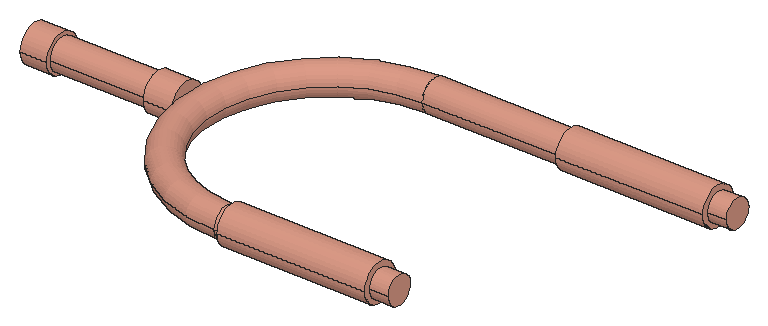
Revit family "outputfile", category 配管付属品, Revit 2024
Family settings
  丸型コネクタ寸法 = 半径を使用
  パーツ タイプ = 標準
  OmniClass 番号 = 23.65.55.00
  OmniClass タイトル = Distribution of Supplied Liquids/Gases
  作業面ベース = いいえ
  常に垂直 = はい
  ロード時にボイドで切り取り = いいえ
  共有 = いいえ
Parameters (values of type "KHRP24B22T")
  Description = ""
  製造元 = "Daikin"
  書き出し IFC クラス(タイプ) = "IfcPipeFittingType"
  定義済み IFC タイプ(タイプ) = "JUNCTION"
  Cost = 0
  Type Comments = ""
  Keynote = ""
  Type Image = (empty or 0)
  Assembly Code = ""
  switch_StraightPipe_Reducer2 [instance] = if(Is_StraightPipe Reducer = 1, 1 = 1, 1 = 0)  # no
  switch_StraightPipe1 [instance] = if(number_StraightPipe = 0, 1 = 0, 1 = 1)  # yes
  switch_Inlet pipe1 [instance] = if(number_InletPipe = 0, 1 = 0, 1 = 1)  # yes
  switch_BranchPipe1 [instance] = if(number_BranchPipe = 0, 1 = 0, 1 = 1)  # yes
  mm⇔inch [instance] = yes
  l_dividePipe2 [instance] = size_lookup(table_Inlet, "L_devidePipe2", 45.9 mm, モデル)  # 45.87 mm
  l_dividePipe0 = 4.22 mm
  l_StraightPipe000 [instance] = if(l_StraightPipe0 = 70.92 mm, l_StraightPipe00 + l_StraightPipe0, 0.0 mm)  # 0.0 mm
  l_StraightPipe00 = 9.19 mm  # constant formula
  l_InletPipe000 [instance] = if(l_InletPipe2 = 2.0 mm, 0.0 mm, l_InletPipe2)  # 0.0 mm
  l_InletPipe00 = 8.66 mm
  l_BranchPipe_Straight2 [instance] = size_lookup(table_BranchPipe, "L_offsetPipe2", 2.0 mm, モデル)  # 2.0 mm
  l_BranchPipe_Straight1 [instance] = size_lookup(table_BranchPipe, "L_offsetPipe1", 2.0 mm, モデル)  # 2.0 mm
  URL = ""
  O.D_OutletPipe [instance] = I.D_OutletPipe + 2.0 mm  # 9.52 mm
  I.D_InletPipe00 = 9.6 mm
  既定の高さ = 0.0 mm
  モデル = "KHRP24B22T"
  table_StraightPipe [instance] = if(mm⇔inch, "Refnet Joint_KHRP24B-T_Liquid_StraightPipe", "Refnet Joint_KHRP24B-T_Liquid_StraightPipe_inch")  # "Refnet Joint_KHRP24B-T_Liquid_StraightPipe"
  table_BranchPipe [instance] = if(mm⇔inch, "Refnet Joint_KHRP24B-T_Liquid_BranchPipe", "Refnet Joint_KHRP24B-T_Liquid_BranchPipe_inch")  # "Refnet Joint_KHRP24B-T_Liquid_BranchPipe"
  table_Inlet [instance] = if(mm⇔inch, "Refnet Joint_KHRP24B-T_Liquid_Inlet", "Refnet Joint_KHRP24B-T_Liquid_Inlet_inch")  # "Refnet Joint_KHRP24B-T_Liquid_Inlet"
  switch_StraightPipe_Reducer1 [instance] = StraightPipe_Liquid_ActualDiameter = 25.4 mm  # no
  switch_StraightPipe3 [instance] = if(number_StraightPipe = 3, 1 = 1, 1 = 0)  # no
  switch_StraightPipe2 [instance] = if(number_StraightPipe < 2, 1 = 0, 1 = 1)  # no
  switch_BranchPipe_Reducer [instance] = if(Is_BranchPipe Reducer = 1, 1 = 1, 1 = 0)  # no
  switch_BranchPipe3 [instance] = if(number_BranchPipe = 3, 1 = 1, 1 = 0)  # no
  switch_BranchPipe2 [instance] = if(number_BranchPipe < 2, 1 = 0, 1 = 1)  # yes
  switch_Inlet pipe_Reducer [instance] = if(Is_Inlet Reducer = 1, 1 = 1, 1 = 0)  # no
  switch_Inlet pipe3 [instance] = if(number_InletPipe = 3, 1 = 1, 1 = 0)  # no
  switch_Inlet pipe2 [instance] = if(number_InletPipe < 2, 1 = 0, 1 = 1)  # no
  Uniclass2015Version = "Products v1.31"
  Uniclass2015Title = "Copper pipe fittings"
  Uniclass2015Code = "Pr_65_52_63_18"
  StraightPipe_Liquid_ActualDiameter [instance] = 6.4 mm
  Material_Piping = DAIKIN_Copper_Pipe
  Material_Insulation = DAIKIN_White_Insulation
  lw_Insulation [instance] = size_lookup(table_Inlet, "lw_Insulation", 57.3 mm, モデル)  # 58.28 mm
  Unit Type = "KHRP24B-T_Liquid"
  Tag No. [instance] = ""
  StraightPipe_Liquid_Status [instance] = size_lookup(table_StraightPipe, "Information", "The connected pipe size is not available.", モデル, StraightPipe_Liquid_ActualDiameter)  # "Default connector size is used."
  Link_Nested Family [instance] = ""
  Inlet_Liquid_Actual Diameter [instance] = 9.5 mm
  IfcVersion = ""
  IfcExportType = "JUNCTION"
  IfcExportAs = "IfcPipeFittingType"
  BranchPipe_Liquid_Status [instance] = size_lookup(table_BranchPipe, "Information", "The connected pipe size is not available.", モデル, BranchPipe_Liquid_ActualDiameter)  # "Default connector size is used."
  Inlet_Liquid_Status [instance] = size_lookup(table_Inlet, "Information", "The connected pipe size is not available.", モデル, Inlet_Liquid_Actual Diameter)  # "Default connector size is used."
  Series = "Refnet Joint"
  r_StraightPipe_Connector [instance] = StraightPipe_Liquid_ActualDiameter / 2  # 3.2 mm
  r_BranchPipe_Connector [instance] = BranchPipe_Liquid_ActualDiameter / 2  # 3.2 mm
  r_Inlet_Connector [instance] = Inlet_Liquid_Actual Diameter / 2  # 4.75 mm
  number_StraightPipe [instance] = size_lookup(table_StraightPipe, "pipeNumber", 2, モデル, StraightPipe_Liquid_ActualDiameter)  # 1
  number_BranchPipe [instance] = size_lookup(table_BranchPipe, "pipeNumber", 2, モデル, BranchPipe_Liquid_ActualDiameter)  # 2
  number_InletPipe [instance] = size_lookup(table_Inlet, "pipeNumber", 1, モデル, Inlet_Liquid_Actual Diameter)  # 1
  l_BranchPipe connector [instance] = size_lookup(table_BranchPipe, "Length", 51.5 mm, モデル, BranchPipe_Liquid_ActualDiameter)  # 51.47 mm
  l_inlet connector [instance] = size_lookup(table_Inlet, "Length", 46.7 mm, モデル, Inlet_Liquid_Actual Diameter)  # 46.66 mm
  l_dividePipe1 [instance] = size_lookup(table_Inlet, "L_devidePipe1", 86.2 mm, モデル)  # 86.15 mm
  l_StraightPipeReducer [instance] = size_lookup(table_StraightPipe, "L_Reducer", 2.0 mm, モデル, StraightPipe_Liquid_ActualDiameter)  # 2.0 mm
  l_StraightPipe3 [instance] = size_lookup(table_StraightPipe, "L_Pipe3", 2.0 mm, モデル)  # 2.0 mm
  l_StraightPipe2 [instance] = size_lookup(table_StraightPipe, "L_Pipe2", 6.0 mm, モデル)  # 2.0 mm
  l_StraightPipe1 [instance] = size_lookup(table_StraightPipe, "L_Pipe1", 45.2 mm, モデル)  # 6.0 mm
  l_StraightPipe0 [instance] = size_lookup(table_StraightPipe, "L_Pipe0", 2.0 mm, モデル)  # 45.2 mm
  l_StraightPipe connector [instance] = size_lookup(table_StraightPipe, "Length", 51.2 mm, モデル, StraightPipe_Liquid_ActualDiameter)  # 51.2 mm
  l_BranchPipe Reducer [instance] = size_lookup(table_BranchPipe, "L_Reducer", 2.0 mm, モデル, BranchPipe_Liquid_ActualDiameter)  # 2.0 mm
  l_BranchPipe3 [instance] = size_lookup(table_BranchPipe, "L_Pipe3", 2.0 mm, モデル)  # 2.0 mm
  l_BranchPipe2 [instance] = size_lookup(table_BranchPipe, "L_Pipe2", 6.0 mm, モデル)  # 6.0 mm
  l_BranchPipe1 [instance] = size_lookup(table_BranchPipe, "L_Pipe1", 45.5 mm, モデル)  # 45.47 mm
  l_BranchPipe0 [instance] = size_lookup(table_BranchPipe, "L_Pipe0", 2.0 mm, モデル)  # 2.0 mm
  l_InletReducer [instance] = size_lookup(table_Inlet, "L_Reducer", 2.0 mm, モデル, Inlet_Liquid_Actual Diameter)  # 2.0 mm
  l_InletPipe3 [instance] = size_lookup(table_Inlet, "L_Pipe3", 2.0 mm, モデル)  # 2.0 mm
  l_InletPipe2 [instance] = size_lookup(table_Inlet, "L_Pipe2", 2.0 mm, モデル)  # 2.0 mm
  l_InletPipe1 [instance] = size_lookup(table_Inlet, "L_Pipe1", 8.2 mm, モデル)  # 8.19 mm
  l_InletPipe0 [instance] = size_lookup(table_Inlet, "L_Pipe0", 29.8 mm, モデル)  # 29.81 mm
  center_StraightPipe [instance] = size_lookup(table_StraightPipe, "center_Pipe", 40.0 mm, モデル)  # 40.0 mm
  center_BranchPipe [instance] = size_lookup(table_BranchPipe, "center_OffsetPipe", 40.0 mm, モデル)  # 40.0 mm
  StraightPipe_Liquid_AvailableDiameter [instance] = size_lookup(table_StraightPipe, "sizeVariation", "", モデル)  # "6.4/9.5mm"
  BranchPipe_Liquid_AvailableDiameter [instance] = size_lookup(table_BranchPipe, "sizeVariation", "", モデル)  # "6.4/9.5mm"
  Inlet_Liquid_Available Diameter [instance] = size_lookup(table_Inlet, "sizeVariation", "", モデル)  # "9.5mm"
  O.D_StraightPipe Reducer [instance] = size_lookup(table_StraightPipe, "O.D_reducer", 2.0 mm, モデル, StraightPipe_Liquid_ActualDiameter)  # 2.0 mm
  O.D_Offset Outlet Reducer [instance] = size_lookup(table_BranchPipe, "O.D_reducer", 2.0 mm, モデル, BranchPipe_Liquid_ActualDiameter)  # 2.0 mm
  O.D_Inlet Reducer [instance] = size_lookup(table_Inlet, "O.D_reducer", 2.0 mm, モデル, Inlet_Liquid_Actual Diameter)  # 2.0 mm
  Is_StraightPipe Reducer [instance] = size_lookup(table_StraightPipe, "IsReducer", 0, モデル, StraightPipe_Liquid_ActualDiameter)  # 0
  Is_BranchPipe Reducer [instance] = size_lookup(table_BranchPipe, "IsReducer", 0, モデル, BranchPipe_Liquid_ActualDiameter)  # 0
  Is_Inlet Reducer [instance] = size_lookup(table_Inlet, "IsReducer", 0, モデル, Inlet_Liquid_Actual Diameter)  # 0
  BranchPipe_Liquid_ActualDiameter [instance] = 6.4 mm
  Attach_Insulation [instance] = no
  I.D_StraightPipe3 [instance] = size_lookup(table_StraightPipe, "I.D_PipeSize3", 2.0 mm, モデル)  # 2.0 mm
  I.D_StraightPipe2 [instance] = size_lookup(table_StraightPipe, "I.D_PipeSize2", 6.4 mm, モデル)  # 2.0 mm
  I.D_StraightPipe1 [instance] = size_lookup(table_StraightPipe, "I.D_PipeSize1", 9.5 mm, モデル)  # 6.4 mm
  I.D_StraightPipe0 [instance] = size_lookup(table_StraightPipe, "I.D_PipeSize0", 2.0 mm, モデル)  # 9.5 mm
  I.D_BranchPipe3 [instance] = size_lookup(table_BranchPipe, "I.D_PipeSize3", 2.0 mm, モデル)  # 2.0 mm
  I.D_BranchPipe2 [instance] = size_lookup(table_BranchPipe, "I.D_PipeSize2", 6.4 mm, モデル)  # 6.4 mm
  I.D_BranchPipe1 [instance] = size_lookup(table_BranchPipe, "I.D_PipeSize1", 9.5 mm, モデル)  # 9.5 mm
  I.D_BranchPipe0 [instance] = size_lookup(table_BranchPipe, "I.D_PipeSize0", 2.0 mm, モデル)  # 2.0 mm
  I.D_Straight Reducer [instance] = size_lookup(table_StraightPipe, "I.D_reducer", 2.0 mm, モデル, StraightPipe_Liquid_ActualDiameter)  # 2.0 mm
  I.D_OutletPipe [instance] = size_lookup(table_Inlet, "I.D_OutletPipeSize", 7.5 mm, モデル, Inlet_Liquid_Actual Diameter)  # 7.52 mm
  I.D_Branch Reducer [instance] = size_lookup(table_BranchPipe, "I.D_reducer", 2.0 mm, モデル, BranchPipe_Liquid_ActualDiameter)  # 2.0 mm
  I.D_Inlet Reducer [instance] = size_lookup(table_Inlet, "I.D_reducer", 2.0 mm, モデル, Inlet_Liquid_Actual Diameter)  # 2.0 mm
  I.D_InletPipe3 [instance] = size_lookup(table_Inlet, "I.D_PipeSize3", 2.0 mm, モデル)  # 2.0 mm
  I.D_InletPipe2 [instance] = size_lookup(table_Inlet, "I.D_PipeSize2", 2.0 mm, モデル)  # 2.0 mm
  I.D_InletPipe1 [instance] = size_lookup(table_Inlet, "I.D_PipeSize1", 9.5 mm, モデル)  # 9.5 mm
  I.D_InletPipe0 [instance] = size_lookup(table_Inlet, "I.D_PipeSize0", 7.5 mm, モデル)  # 7.52 mm
Reference planes
  plane 1 "Center (Front/Back)": y = 0
  plane 2: z = 0
  plane 3 "base_left": x = 0
  plane 4: x = 43.19
  plane 5: x = 73
  plane 6: x = 81.66
  plane 7 "l_dividePipe1": x = 167.81
  plane 8 "center_straight outlet": y = 40
  plane 9 "center2_offset outlet": y = -40
  plane 10: x = 223.01
  plane 11: x = 213.01
  plane 12: x = 219.01
  plane 13: x = 173
  plane 14: x = 179
  plane 15: x = 221.01
  plane 16: x = 181
  plane 17 "Reducer_straightoutlet": x = 179
  plane 18 "connector": x = 219.01
  plane 19 "Inlet_connector": x = 35
  plane 20 "Left_Insulation": x = 23.38
  plane 21: x = 85.88
  plane 22 "l_dividePipe2": x = 127.53
  plane 23: x = 125.88
  plane 24 "2": x = 35
  plane 25: x = 129.01
  plane 26: x = 33
Forms (mm)
  Sweep 1, solid, material "DAIKIN_Copper_Pipe" <- "Material_Piping"
    path origin (0, 0, 0) x (1, 0, 0) y (0, 1, 0)
      loop
        line (127.53, -40) -> (125.88, -40)
        arc (125.88, -40) -> (85.88, 0) -> (125.88, 40) r 40
        line (125.88, 40) -> (167.81, 40)
    profile origin (146.845, 40, 0) x (0, 1, 0) y (0, 0, 1)
      loop
        circle (0, 0) r 4.76
Dimensions and locks
  "l_InletPipe1": plane 24 "2" to plane 4
  "l_InletPipe0": plane 4 to plane 5
  "l_InletPipe00": plane 5 to plane 6
  "center_StraightPipe": plane 1 "Center (Front/Back)" to plane 8 "center_straight outlet"
  "center_BranchPipe": plane 9 "center2_offset outlet" to plane 1 "Center (Front/Back)"
  "l_dividePipe1": plane 6 to plane 7 "l_dividePipe1"
  "l_BranchPipe2": plane 13 to plane 14
  "l_StraightPipe1": plane 11 to plane 12
  "l_StraightPipe2": plane 12 to plane 15
  "l_BranchPipe3": plane 14 to plane 16
  "l_BranchPipe connector": plane 22 "l_dividePipe2" to plane 17 "Reducer_straightoutlet"
  "l_StraightPipe connector": plane 7 "l_dividePipe1" to plane 18 "connector"
  "l_inlet connector": plane 19 "Inlet_connector" to plane 6
  "lw_Insulation": plane 20 "Left_Insulation" to plane 6
  "l_dividePipe0": plane 6 to plane 21
  "l_dividePipe2": plane 6 to plane 22 "l_dividePipe2"
  "l_BranchPipe1": plane 22 "l_dividePipe2" to plane 13
  "center_StraightPipe": plane 21 to plane 23
  "l_InletPipe2": plane 26 to plane 24 "2"
  "l_StraightPipe0": plane 7 "l_dividePipe1" to plane 11
  "l_StraightPipe3": plane 15 to plane 10
  "center_StraightPipe": radius of Sweep 1 sketch curve
  "O.D_OutletPipe": diameter of Sweep 1 sketch curve
  aligned and locked: level to plane 2
  aligned and locked: plane 6 to nested 1
  aligned and locked: plane 1 "Center (Front/Back)" to nested 1
  aligned and locked: plane 8 "center_straight outlet" to nested 2
  aligned and locked: nested 2 to plane 7 "l_dividePipe1"
  aligned and locked: plane 9 "center2_offset outlet" to nested 3
  aligned and locked: nested 4 to plane 1 "Center (Front/Back)"
  aligned and locked: nested 5 to plane 9 "center2_offset outlet"
  aligned and locked: plane 18 "connector" to nested 6
  aligned and locked: nested 6 to plane 8 "center_straight outlet"
  aligned and locked: nested 4 to plane 19 "Inlet_connector"
  aligned and locked: plane 17 "Reducer_straightoutlet" to nested 5
  aligned and locked: plane 1 "Center (Front/Back)" to nested 7
  aligned and locked: plane 20 "Left_Insulation" to nested 7
  aligned and locked: plane 1 "Center (Front/Back)" to Sweep 1 sketch curve
  aligned and locked: plane 7 "l_dividePipe1" to Sweep 1 sketch curve
  aligned and locked: plane 23 to Sweep 1 sketch curve
  aligned and locked: plane 22 "l_dividePipe2" to nested 3
  aligned and locked: nested 8 to plane 8 "center_straight outlet"
  aligned and locked: plane 25 to nested 8
  aligned and locked: plane 22 "l_dividePipe2" to Sweep 1 sketch curve
  aligned and locked: nested 9 to plane 6
  aligned and locked: plane 1 "Center (Front/Back)" to nested 9
  aligned and locked: nested 9 to plane 5
  aligned and locked: plane 2 to nested 9
  aligned and locked: plane 1 "Center (Front/Back)" to nested 10
  aligned and locked: nested 10 to plane 5
  aligned and locked: plane 4 to nested 10
  aligned and locked: plane 1 "Center (Front/Back)" to nested 11
  aligned and locked: plane 4 to nested 11
  aligned and locked: plane 24 "2" to nested 11
  aligned and locked: plane 24 "2" to nested 12
  aligned and locked: plane 1 "Center (Front/Back)" to nested 12
  aligned and locked: plane 26 to nested 12
  aligned and locked: nested 13 to plane 9 "center2_offset outlet"
  aligned and locked: plane 22 "l_dividePipe2" to nested 13
  aligned and locked: plane 13 to nested 13
  aligned and locked: nested 14 to plane 9 "center2_offset outlet"
  aligned and locked: plane 13 to nested 14
  aligned and locked: plane 14 to nested 14
  aligned and locked: nested 15 to plane 9 "center2_offset outlet"
  aligned and locked: plane 16 to nested 15
  aligned and locked: plane 14 to nested 15
  aligned and locked: nested 16 to plane 8 "center_straight outlet"
  aligned and locked: nested 16 to plane 7 "l_dividePipe1"
  aligned and locked: plane 11 to nested 16
  aligned and locked: nested 17 to plane 8 "center_straight outlet"
  aligned and locked: plane 11 to nested 17
  aligned and locked: plane 12 to nested 17
  aligned and locked: plane 12 to nested 18
  aligned and locked: nested 18 to plane 8 "center_straight outlet"
  aligned and locked: plane 15 to nested 18
  aligned and locked: nested 19 to plane 8 "center_straight outlet"
  aligned and locked: plane 15 to nested 19
  aligned and locked: plane 10 to nested 19
Automatic sketch dimensions
  Sweep 1 sketch curve to level = 0.0 mm
  Sweep 1 sketch curve to profile plane = 0.0 mm
Nested families
  nested 1: "daikin_connector_rotate2" at (81.66, 0, 0) x (0, -1, 0) z (0, 0, 1), length <- "l_inlet connector", type "daikin_connector_rotate2"
    with radius 5.0 mm, length 46.66 mm, angle_vertical 90.00°, show_face no, locaton_mark no
  nested 2: "daikin_connector_rotate2" at (167.81, 40, 0) x (0, 1, 0) z (0, 0, 1), length <- "l_StraightPipe connector", type "daikin_connector_rotate2"
    with radius 5.0 mm, length 51.2 mm, angle_vertical 90.00°, show_face no, locaton_mark no
  nested 3: "daikin_connector_rotate2" at (127.53, -40, 0) x (0, 1, 0) z (0, 0, 1), length <- "l_BranchPipe connector", type "daikin_connector_rotate2"
    with radius 5.0 mm, length 51.47 mm, angle_vertical 90.00°, show_face no, locaton_mark no
  nested 4: "daikin_Pipe_reducer" at (36, 0, 0) x (-1, 0, 0) z (0, 0, 1), display <- "switch_Inlet pipe_Reducer", length_Pipe <- "l_InletReducer", I.D_Pipe1 <- "I.D_Inlet Reducer", O.D_Pipe2 <- "O.D_Inlet Reducer", type "*"
    with length_Pipe 2.0 mm, display no, O.D_Pipe2 2.0 mm, O.D_Pipe1 4.0 mm, I.D_Pipe2 0.0 mm, I.D_Pipe1 2.0 mm
  nested 5: "daikin_Pipe_reducer" at (178, -40, 0), I.D_Pipe1 <- "I.D_Branch Reducer", O.D_Pipe2 <- "O.D_Offset Outlet Reducer", length_Pipe <- "l_BranchPipe Reducer", display <- "switch_BranchPipe_Reducer", type "*"
    with length_Pipe 2.0 mm, display no, O.D_Pipe2 2.0 mm, O.D_Pipe1 4.0 mm, I.D_Pipe2 0.0 mm, I.D_Pipe1 2.0 mm
  nested 6: "daikin_Pipe_reducer" at (218.01, 40, 0), I.D_Pipe1 <- "I.D_Straight Reducer", O.D_Pipe2 <- "O.D_StraightPipe Reducer", length_Pipe <- "l_StraightPipeReducer", display <- "switch_StraightPipe_Reducer2", type "*"
    with length_Pipe 2.0 mm, display no, O.D_Pipe2 2.0 mm, O.D_Pipe1 4.0 mm, I.D_Pipe2 0.0 mm, I.D_Pipe1 2.0 mm
  nested 7: "daikin_Insulation_RefnetJoint" at (23.38, 0, 0), I.D_Outlet PipeSize <- "I.D_OutletPipe", type "*"
    with h 39.52 mm, I.D_Outlet PipeSize 7.52 mm
  nested 8: "daikin_Pipe_reducer" at (128.01, 40, 0), display <- "switch_StraightPipe_Reducer1", length_Pipe <- "l_StraightPipeReducer", type "*"
    with length_Pipe 2.0 mm, display no, O.D_Pipe2 19.1 mm, O.D_Pipe1 24.2 mm, I.D_Pipe2 17.1 mm, I.D_Pipe1 22.2 mm
  nested 9: "daikin_Pipe" at (77.33, 0, 0), I.D_Pipe <- "I.D_InletPipe00", type "*"
    with length_Pipe 8.66 mm, display yes, O.D_Pipe 11.6 mm, I.D_Pipe 9.6 mm
  nested 10: "daikin_Pipe" at (58.095, 0, 0), I.D_Pipe <- "I.D_InletPipe0", type "*"
    with length_Pipe 29.81 mm, display yes, O.D_Pipe 9.52 mm, I.D_Pipe 7.52 mm
  nested 11: "daikin_Pipe" at (39.095, 0, 0), I.D_Pipe <- "I.D_InletPipe1", type "*"
    with length_Pipe 8.19 mm, display yes, O.D_Pipe 11.5 mm, I.D_Pipe 9.5 mm
  nested 12: "daikin_Pipe" at (34, 0, 0), I.D_Pipe <- "I.D_InletPipe2", display <- "switch_Inlet pipe2", type "*"
    with length_Pipe 2.0 mm, display no, O.D_Pipe 4.0 mm, I.D_Pipe 2.0 mm
  nested 13: "daikin_Pipe" at (150.265, -40, 0), I.D_Pipe <- "I.D_BranchPipe1", type "*"
    with length_Pipe 45.47 mm, display yes, O.D_Pipe 11.5 mm, I.D_Pipe 9.5 mm
  nested 14: "daikin_Pipe" at (176, -40, 0), I.D_Pipe <- "I.D_BranchPipe2", display <- "switch_BranchPipe2", type "*"
    with length_Pipe 6.0 mm, display yes, O.D_Pipe 8.4 mm, I.D_Pipe 6.4 mm
  nested 15: "daikin_Pipe" at (180, -40, 0), I.D_Pipe <- "I.D_BranchPipe3", display <- "switch_BranchPipe3", type "*"
    with length_Pipe 2.0 mm, display no, O.D_Pipe 4.0 mm, I.D_Pipe 2.0 mm
  nested 16: "daikin_Pipe" at (190.41, 40, 0), I.D_Pipe <- "I.D_StraightPipe0", type "*"
    with length_Pipe 45.2 mm, display yes, O.D_Pipe 11.5 mm, I.D_Pipe 9.5 mm
  nested 17: "daikin_Pipe" at (216.01, 40, 0), I.D_Pipe <- "I.D_StraightPipe1", display <- "switch_StraightPipe1", type "*"
    with length_Pipe 6.0 mm, display yes, O.D_Pipe 8.4 mm, I.D_Pipe 6.4 mm
  nested 18: "daikin_Pipe" at (220.01, 40, 0), I.D_Pipe <- "I.D_StraightPipe2", display <- "switch_StraightPipe2", type "*"
    with length_Pipe 2.0 mm, display no, O.D_Pipe 4.0 mm, I.D_Pipe 2.0 mm
  nested 19: "daikin_Pipe" at (222.01, 40, 0), I.D_Pipe <- "I.D_StraightPipe3", display <- "switch_StraightPipe3", type "*"
    with length_Pipe 2.0 mm, display no, O.D_Pipe 4.0 mm, I.D_Pipe 2.0 mm
Connectors
  piping at (35, 0, 0), diameter 9.5, driven by "r_Inlet_Connector"
    settings: on nested 1, index 1, connector inside diameter 609.6 mm, connector length 0.0 mm, flow factor 0, pipe flow 0.00 m³/h, pressure drop 0.0 Pa, fitting loss kfactor 0, connector angle 0.00°, fixture units 0, engagement length 0.0 mm, angle of deflection 0.00°, flow configuration 0, flow direction 1, fitting loss method 0, system type 29, joint type 0, gender type 0, connector reference index -1, connector utility 0, adjustable connector no, is connector primary yes, connector description "Refnet Joint_Inlet_Liquid"
  piping at (179, -40, 0), diameter 6.4, driven by "r_BranchPipe_Connector"
    settings: on nested 3, index 2, connector inside diameter 609.6 mm, connector length 0.0 mm, flow factor 0, pipe flow 0.00 m³/h, pressure drop 0.0 Pa, fitting loss kfactor 0, connector angle 0.00°, fixture units 0, engagement length 0.0 mm, angle of deflection 0.00°, flow configuration 0, flow direction 2, fitting loss method 0, system type 29, joint type 0, gender type 0, connector reference index -1, connector utility 0, adjustable connector no, is connector primary no, connector description "Refnet Joint_Outlet Branch_Liquid"
  piping at (219.01, 40, 0), diameter 6.4, driven by "r_StraightPipe_Connector"
    settings: on nested 2, index 3, connector inside diameter 609.6 mm, connector length 0.0 mm, flow factor 0, pipe flow 0.00 m³/h, pressure drop 0.0 Pa, fitting loss kfactor 0, connector angle 0.00°, fixture units 0, engagement length 0.0 mm, angle of deflection 0.00°, flow configuration 0, flow direction 2, fitting loss method 0, system type 29, joint type 0, gender type 0, connector reference index -1, connector utility 0, adjustable connector no, is connector primary no, connector description "Refnet Joint_Outlet Straight_Liquid"
Definition of nested family "daikin_Pipe"
  Parameters (values of type "*")
    Default Elevation = 0.0 mm
    material = none
    length_Pipe [instance] = 150.0 mm
    display [instance] = yes
    O.D_Pipe [instance] = I.D_Pipe + 2.0 mm  # 27.0 mm
    I.D_Pipe [instance] = 25.0 mm
  Reference planes
    plane 1 "Center (Front/Back)": y = 0
    plane 2 "center(vertical)": z = 0
    plane 3 "Center (Left/Right)": x = 0
    plane 4 "left": x = -75
    plane 5 "right": x = 75
  Forms (mm)
    Extrusion 1, solid, material <- "material", visible <- "display"
      sketch origin (0, 0, 0) x (0, 1, 0) y (0, 0, 1)
        loop
          circle (0, 0) r 13.5
      from -75 to 75
  Dimensions and locks
    equal spacing: plane 4 "left", plane 3 "Center (Left/Right)", plane 5 "right"
    "length_Pipe": plane 4 "left" to plane 5 "right"
    "O.D_Pipe": diameter of Extrusion 1 sketch curve
    aligned and locked: level to plane 2 "center(vertical)"
    aligned and locked: plane 2 "center(vertical)" to Extrusion 1 sketch curve
    aligned and locked: plane 1 "Center (Front/Back)" to Extrusion 1 sketch curve
    aligned and locked: plane 5 "right" to Extrusion 1
    aligned and locked: Extrusion 1 to plane 4 "left"
Definition of nested family "daikin_connector_rotate2"
  Parameters (values of type "daikin_connector_rotate2")
    show_face = yes
    radius [instance] = 10.0 mm
    locaton_mark = yes
    length [instance] = 600.0 mm
    d_surface = 10.0 mm
    angle_vertical [instance] = 90.00°
    Default Elevation = 0.0 mm
  Reference planes
    plane 1 "Center (Front/Back)": y = 0
    plane 2: z = 0
    plane 3 "Center (Left/Right)": x = 0
  Forms (mm)
    Extrusion 1, solid, visible <- "show_face"
      sketch origin (0, -600, 0) x (1, 0, 0) y (0, 0, 1)
        loop
          circle (0, 0) r 10
      from 0 to -10
  Lines and regions (mm)
    reference lines
      curve 1: line (0, 0, 0) -> (0, -600, 0)
    symbolic lines, visible <- "locaton_mark"
      curve 2: circle (0, 0, 0) r 5 normal (0, 0, 1)
    model lines, visible <- "show_face"
      curve 3: line (0, 0, 0) -> (0, -600, 0)
  Dimensions and locks
    "length": curve 1 to curve 1
    "length": curve 3 to curve 3
    "d_surface": Extrusion 1 to Extrusion 1
    "radius": radius of Extrusion 1 sketch curve
    "angle_vertical": angle curve 1 to plane 1 "Center (Front/Back)"
    "angle_vertical": angle curve 3 to plane 1 "Center (Front/Back)"
    aligned and locked: level to plane 2
    aligned and locked: plane 1 "Center (Front/Back)" to curve 1
    aligned and locked: plane 2 to curve 1
    aligned and locked: plane 1 "Center (Front/Back)" to curve 2
    aligned and locked: plane 3 "Center (Left/Right)" to curve 2
    aligned and locked: plane 1 "Center (Front/Back)" to curve 3
    aligned and locked: plane 2 to curve 3
    aligned and locked: Extrusion 1 to Extrusion 1
  Automatic sketch dimensions
    Extrusion 1 sketch curve to level = 0.0 mm
    Extrusion 1 sketch curve to plane 3 "Center (Left/Right)" = 0.0 mm
    radius of curve 2 = 5.0 mm
Definition of nested family "daikin_Pipe_reducer"
  Parameters (values of type "*")
    Default Elevation = 0.0 mm
    material = none
    length_Pipe [instance] = 250.0 mm
    display [instance] = yes
    O.D_Pipe2 [instance] = 19.1 mm
    O.D_Pipe1 [instance] = I.D_Pipe1 + 2.0 mm  # 24.2 mm
    I.D_Pipe2 [instance] = O.D_Pipe2 - 2.0 mm  # 17.1 mm
    I.D_Pipe1 [instance] = 22.2 mm
  Reference planes
    plane 1 "Center (Front/Back)": y = 0
    plane 2 "center(vertical)": z = 0
    plane 3 "Center (Left/Right)": x = 0
    plane 4 "connection": x = -125
    plane 5 "right": x = 113
    plane 6: x = 125
  Forms (mm)
    Extrusion 1, solid, material <- "material", visible <- "display"
      sketch origin (0, 0, 0) x (0, 1, 0) y (0, 0, 1)
        loop
          circle (0, 0) r 9.55
      from -125 to 113
    Extrusion 2, solid, material <- "material", visible <- "display"
      sketch origin (0, 0, 0) x (0, 1, 0) y (0, 0, 1)
        loop
          circle (0, 0) r 12.1
      from 113 to 125
  Dimensions and locks
    locked: plane 5 "right" to plane 6 at 12
    "length_Pipe": plane 4 "connection" to plane 6
    equal spacing: plane 4 "connection", plane 3 "Center (Left/Right)", plane 6
    "O.D_Pipe2": diameter of Extrusion 1 sketch curve
    "O.D_Pipe1": diameter of Extrusion 2 sketch curve
    aligned and locked: level to plane 2 "center(vertical)"
    aligned and locked: plane 2 "center(vertical)" to Extrusion 1 sketch curve
    aligned and locked: plane 1 "Center (Front/Back)" to Extrusion 1 sketch curve
    aligned and locked: plane 5 "right" to Extrusion 1
    aligned and locked: Extrusion 1 to plane 4 "connection"
    aligned and locked: plane 2 "center(vertical)" to Extrusion 2 sketch curve
    aligned and locked: plane 1 "Center (Front/Back)" to Extrusion 2 sketch curve
    aligned and locked: Extrusion 2 to plane 5 "right"
    aligned and locked: plane 6 to Extrusion 2
Definition of nested family "daikin_Insulation_RefnetJoint"
  Parameters (values of type "*")
    Default Elevation = 0.0 mm
    Model = "KHRP24B22T"
    w_Insulation3 = size_lookup(table_Insulation, "w_Insulation3", 16.0 mm, Model)  # 35.0 mm
    w_Insulation2 = size_lookup(table_Insulation, "w_Insulation2", 77.0 mm, Model)  # 73.82 mm
    w_Insulation1 = size_lookup(table_Insulation, "w_Insulation1", 28.0 mm, Model)  # 41.18 mm
    table_Insulation = "Refnet Joint_KHRP24B-T_Liquid_Insulation"  # constant formula
    r_Insulation = d_Insulation1 / 2  # 67.0 mm
    material = none
    h [instance] = (I.D_Outlet PipeSize + 2.0 mm) + 30.0 mm  # 47.0 mm
    display = no
    d_Insulation3 = size_lookup(table_Insulation, "d_Insulation3", 16.0 mm, Model)  # 26.0 mm
    d_Insulation2 = size_lookup(table_Insulation, "d_Insulation2", 64.0 mm, Model)  # 54.0 mm
    d_Insulation1 = size_lookup(table_Insulation, "d_Insulation1", 144.0 mm, Model)  # 134.0 mm
    I.D_Outlet PipeSize [instance] = 15.0 mm
  Reference planes
    plane 1 "Center (Front/Back)": y = 0
    plane 2: z = 0
    plane 3 "Left": x = 0
    plane 4 "top": z = 23.5
    plane 5 "bottom": z = -23.5
    plane 6: x = 41.18
    plane 7: y = 27
    plane 8: y = -27
    plane 9: y = 67
    plane 10: y = -67
    plane 11: x = 115
    plane 12: x = 150
    plane 13: y = 13
    plane 14: y = -13
  Forms (mm)
    Extrusion 1, solid, material <- "material", visible <- "display"
      sketch origin (-2, 0, 0) x (1, 0, 0) y (0, 1, 0)
        loop
          arc (104.499, 67) -> (67.893, 56.116) -> (43.18, 27) r 67
          line (43.18, 27) -> (2, 27) -> (2, -27) -> (43.18, -27)
          arc (43.18, -27) -> (67.893, -56.116) -> (104.499, -67) r 67
          line (104.499, -67) -> (152, -67) -> (152, -13) -> (117, -13) -> (117, 13) -> (152, 13) -> (152, 67) -> (104.499, 67)
      from -23.5 to 23.5
  Dimensions and locks
    equal spacing: plane 4 "top", plane 2, plane 5 "bottom"
    "h": plane 4 "top" to plane 5 "bottom"
    "d_Insulation2": plane 7 to plane 8
    "d_Insulation1": plane 9 to plane 10
    "w_Insulation2": plane 6 to plane 11
    "w_Insulation3": plane 11 to plane 12
    "d_Insulation3": plane 13 to plane 14
    "w_Insulation1": plane 3 "Left" to plane 6
    equal spacing: plane 9, plane 1 "Center (Front/Back)", plane 10
    equal spacing: plane 7, plane 1 "Center (Front/Back)", plane 8
    equal spacing: plane 13, plane 1 "Center (Front/Back)", plane 14
    "r_Insulation": radius of Extrusion 1 sketch curve  (x2)
    aligned and locked: level to plane 2
    aligned and locked: Extrusion 1 to plane 5 "bottom"
    aligned and locked: plane 4 "top" to Extrusion 1
    aligned and locked: Extrusion 1 sketch curve to plane 10
    aligned and locked: Extrusion 1 sketch curve to plane 9
    aligned and locked: plane 7 to Extrusion 1 sketch curve
    aligned and locked: plane 8 to Extrusion 1 sketch curve
    aligned and locked: Extrusion 1 sketch curve to plane 12  (x2)
    aligned and locked: plane 13 to Extrusion 1 sketch curve
    aligned and locked: Extrusion 1 sketch curve to plane 14
    aligned and locked: Extrusion 1 sketch curve to plane 11
    aligned and locked: Extrusion 1 to plane 3 "Left"
    aligned and locked: plane 6 to Extrusion 1 sketch curve  (x2)
  Automatic sketch dimensions
    Extrusion 1 sketch curve to plane 3 "Left" = 0.0 mm
